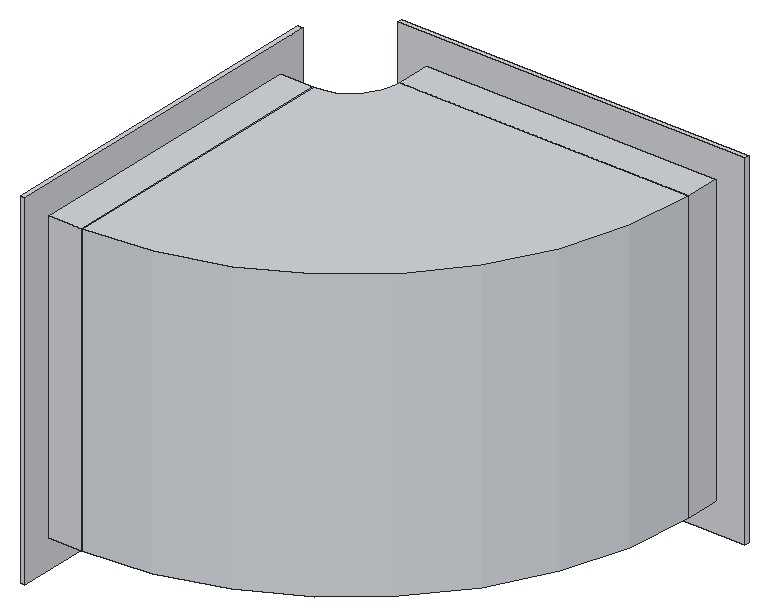
Revit family "RE Bogen BS - Flansch", category Luftkanalformteile, Revit 2014
Parameters (values of type "Allgemein")
  r1 [instance] = if(r = 0 mm, 1 mm, r)  # 50 mm
  f2 [instance] = 35 mm  # constant formula
  f1 [instance] = if(f = 0 mm, f2, f)  # 35 mm
  f [instance] = 0 mm
  e2 [instance] = 35 mm  # constant formula
  e1 [instance] = if(e = 0 mm, e2, e)  # 35 mm
  e [instance] = 0 mm
  alpha [instance] = 90.00°
  RLT_DIN_r [instance] = r  # 50 mm
  RLT_DIN_f [instance] = f  # 0 mm
  RLT_DIN_e [instance] = e  # 0 mm
  RLT_DIN_d [instance] = b  # 300 mm
  RLT_DIN_c [instance] = a  # 300 mm
  RLT_DIN_b [instance] = b  # 300 mm
  RLT_DIN_alpha [instance] = alpha  # 90.00°
  RLT_DIN_a [instance] = a  # 300 mm
  RLT_DIN_KZ [instance] = "BS"
  Max. ab [instance] = if(a > b, a, b)  # 300 mm
  Länge 1 [instance] = Bogenradius * tan(alpha / 2)  # 200 mm
  a [instance] = 300 mm
  b [instance] = 300 mm
  r [instance] = 50 mm
  Flansch b [instance] = b + 2 * Flanschverlängerung  # 360 mm
  Flansch a [instance] = a + 2 * Flanschverlängerung  # 360 mm
  Flanschstärke [instance] = 5 mm
  Flanschverlängerung [instance] = 30 mm
  Bogenradius [instance] = r1 + b / 2  # 200 mm
Reference planes
  plane 1 "Mitte (vorne/hinten)": y = 0
  plane 2: z = 0
  plane 3 "Mitte (links/rechts)": x = 0
  plane 4: x = -200
  plane 5: y = 200
  plane 6: x = -235
  plane 7: x = -240
  plane 8: y = 180
  plane 9: y = -180
Forms (mm)
  Sweep 1, solid, detail levels medium+fine
    path in 3D
      loop
        arc (-200, 0, 0) -> (-58.579, 58.579, 0) -> (0, 200, 0) r 200
    profile "Luftkanal - rechteckig : Luftkanal - rechteckig" origin (-58.579, 58.579, 0) x (-0.707107, 0.707107, 0) y (0, 0, 1)
      loop
        line (-150, 150) -> (-150, -150) -> (150, -150) -> (150, 150) -> (-150, 150)
  Sweep 2, solid, detail levels medium+fine
    path in 3D
      loop
        line (0, 200, 0) -> (0, 235, 0)
    profile "Luftkanal - rechteckig : Luftkanal - rechteckig" origin (0, 217.5, 0) x (-1, 0, 0) y (0, 0, 1)
      loop
        line (-150, 150) -> (-150, -150) -> (150, -150) -> (150, 150) -> (-150, 150)
  Sweep 3, solid, detail levels medium+fine
    path in 3D
      loop
        line (-235, 0, 0) -> (-200, 0, 0)
    profile "Luftkanal - rechteckig : Luftkanal - rechteckig" origin (-217.5, 0, 0) x (0, 1, 0) y (0, 0, 1)
      loop
        line (-150, 150) -> (-150, -150) -> (150, -150) -> (150, 150) -> (-150, 150)
  Sweep 4, solid, detail levels fine
    path in 3D
      loop
        line (0, 235, 0) -> (0, 240, 0)
    profile "Luftkanal - rechteckig : Luftkanal - Flansch" origin (0, 237.5, 0) x (-1, 0, 0) y (0, 0, 1)
      loop
        line (-180, 180) -> (-180, -180) -> (180, -180) -> (180, 180) -> (-180, 180)
  Sweep 5, solid, detail levels fine
    path in 3D
      loop
        line (-240, 0, 0) -> (-235, 0, 0)
    profile "Luftkanal - rechteckig : Luftkanal - Flansch" origin (-237.5, 0, 0) x (0, 1, 0) y (0, 0, 1)
      loop
        line (-180, 180) -> (-180, -180) -> (180, -180) -> (180, 180) -> (-180, 180)
  Sweep 6, solid, detail levels medium+fine
    path in 3D
      loop
        line (-240, 0, 0) -> (-235, 0, 0)
    profile "Luftkanal - rechteckig : Luftkanal - rechteckig" origin (-237.5, 0, 0) x (0, 1, 0) y (0, 0, 1)
      loop
        line (-150, 150) -> (-150, -150) -> (150, -150) -> (150, 150) -> (-150, 150)
  Sweep 7, solid, detail levels medium+fine
    path in 3D
      loop
        line (0, 235, 0) -> (0, 240, 0)
    profile "Luftkanal - rechteckig : Luftkanal - rechteckig" origin (0, 237.5, 0) x (-1, 0, 0) y (0, 0, 1)
      loop
        line (-150, 150) -> (-150, -150) -> (150, -150) -> (150, 150) -> (-150, 150)
Cuts and joins
  joined: Sweep 3, Sweep 6
  joined: Sweep 2, Sweep 7
Lines and regions (mm)
  reference lines
    curve 1: arc (-200, 0, 0) -> (-58.579, 58.579, 0) -> (0, 200, 0) r 200
    curve 2: line (0, 200, 0) -> (0, 235, 0)
    curve 3: line (-200, 200, 0) -> (440, 200, 0)
    curve 4: line (-99.96, 235, 0) -> (140.04, 235, 0)
    curve 5: line (-235, 0, 0) -> (-200, 0, 0)
    curve 12: line (0, 235, 0) -> (0, 240, 0)
    curve 13: line (-79.72, 240, 0) -> (140.04, 240, 0)
    curve 14: line (-180, 343.676, 0) -> (-180, 173.247, 0)
    curve 15: line (180, 303.676, 0) -> (180, 173.247, 0)
  sketch lines
    curve 6: arc (-200, 0, 0) -> (-58.579, 58.579, 0) -> (0, 200, 0) r 200
    curve 7: line (0, 200, 0) -> (0, 235, 0)
    curve 8: line (-235, 0, 0) -> (-200, 0, 0)
    curve 16: line (0, 235, 0) -> (0, 240, 0)
    curve 20: line (-240, 0, 0) -> (-235, 0, 0)
    curve 22: line (-240, 0, 0) -> (-235, 0, 0)
    curve 23: line (0, 235, 0) -> (0, 240, 0)
  model lines, detail levels coarse
    curve 9: line (0, 200, 0) -> (0, 235, 0)
    curve 10: arc (-200, 0, 0) -> (-58.579, 58.579, 0) -> (0, 200, 0) r 200
    curve 11: line (-235, 0, 0) -> (-200, 0, 0)
    curve 17: line (0, 235, 0) -> (0, 240, 0)
    curve 18: line (-180, 240, 0) -> (180, 240, 0)
    curve 19: line (-240, 0, 0) -> (-235, 0, 0)
    curve 21: line (-240, 180, 0) -> (-240, -180, 0)
Dimensions and locks
  "Länge 1": plane 4 to plane 3 "Mitte (links/rechts)"
  "Bogenradius": plane 5 to plane 1 "Mitte (vorne/hinten)"
  "f1": plane 6 to plane 4
  "e1": curve 2 to curve 2
  "e1": curve 3 to curve 4
  "Flanschstärke": curve 12 to curve 12
  "Flanschstärke": curve 4 to curve 13
  equal spacing: curve 14, curve 2, curve 15
  "Flansch b": curve 14 to curve 15
  "Flanschstärke": plane 7 to plane 6
  equal spacing: plane 8, plane 1 "Mitte (vorne/hinten)", plane 9
  "Flansch b": plane 8 to plane 9
  "Bogenradius": radius of curve 1
  "alpha": angle curve 1 to curve 1
  "alpha": angle plane 1 "Mitte (vorne/hinten)" to curve 2
  "alpha": angle plane 4 to curve 3
  "alpha": angle plane 3 "Mitte (links/rechts)" to curve 4
  "alpha": angle curve 10 to curve 10
  "alpha": angle plane 1 "Mitte (vorne/hinten)" to curve 12
  "alpha": angle plane 3 "Mitte (links/rechts)" to curve 13
  locked: curve 13 to curve 14 (angle 90.00°)
  aligned and locked: plane 5 to curve 1
  aligned and locked: plane 4 to curve 1
  aligned and locked: plane 5 to curve 3
  aligned and locked: plane 4 to curve 3
  aligned and locked: plane 6 to curve 5
  aligned and locked: plane 4 to curve 5
  aligned and locked: plane 1 "Mitte (vorne/hinten)" to curve 5
  aligned and locked: curve 9 to curve 2
  aligned and locked: curve 3 to curve 9
  aligned and locked: curve 10 to curve 1
  aligned and locked: plane 4 to curve 10
  aligned and locked: plane 4 to curve 11
  aligned and locked: plane 1 "Mitte (vorne/hinten)" to curve 11
  aligned and locked: curve 17 to curve 12
  aligned and locked: curve 4 to curve 17
  aligned and locked: curve 13 to curve 17
  aligned and locked: curve 18 to curve 13
  aligned and locked: curve 14 to curve 18
  aligned and locked: curve 15 to curve 18
  aligned and locked: plane 7 to curve 19
  aligned and locked: plane 6 to curve 19
  aligned and locked: plane 1 "Mitte (vorne/hinten)" to curve 19
  aligned and locked: curve 21 to plane 8
  aligned and locked: plane 9 to curve 21
  aligned and locked: curve 21 to plane 7
Automatic sketch dimensions
  curve 4 to curve 2 = 140.04 mm
  curve 12 to curve 2 = 0 mm
  curve 15 to curve 2 = 26.753 mm
  curve 14 to curve 2 = 26.753 mm
  curve 2 to curve 15 = 68.676 mm
  curve 13 to curve 2 = 140.04 mm
Connectors
  hvac at (-240, 0, 0), driven by "a", driven by "b", driven by "alpha"
    settings: on Sweep 5, index 1, duct flow 0.0 L/s, flow factor 0, pres drop 0.0 Pa, loss coef 0, conn angle 90.00°, conn width 300 mm, conn height 300 mm, conn diameter 0 mm, duct sys type 28, conn prof type 1, flow config 0, flow direction 0, loss method 0, conn ref index 2, conn util no, is conn primary yes, conn desc ""
  hvac at (0, 240, 0), driven by "a", driven by "b", driven by "alpha"
    settings: on Sweep 4, index 2, duct flow 0.0 L/s, flow factor 0, pres drop 0.0 Pa, loss coef 0, conn angle 90.00°, conn width 300 mm, conn height 300 mm, conn diameter 609.6 mm, duct sys type 28, conn prof type 1, flow config 0, flow direction 0, loss method 0, conn ref index 1, conn util no, is conn primary no, conn desc ""
